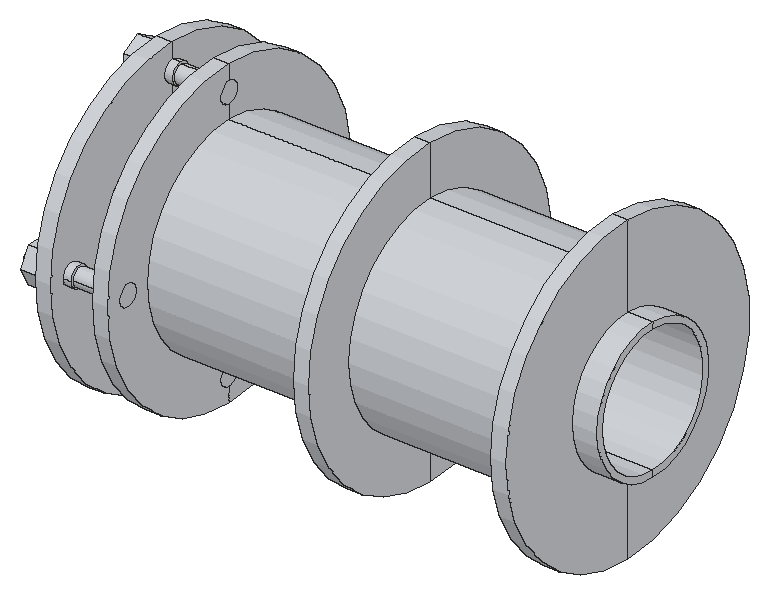
Revit family "柔性防水套管（A型）", category 常规模型, Revit 2016
Family settings
  零件类型 = 标准
  可将钢筋附着到主体 = 否
  圆形连接件大小 = 使用直径
  基于工作平面 = 否
  总是垂直 = 是
  加载时剪切的空心 = 否
  共享 = 否
  房间计算点 = 否
Parameters (values of type "密封圈Ⅰ型")
  钢管左边长 [instance] = 235 mm
  钢管右边长 [instance] = 182 mm
  钢管厚 [instance] = 5 mm
  钢管 = none
  Description = ""
  螺母 = none
  螺栓数量 [instance] = 4
  螺柱半径 [instance] = 8 mm
  螺柱 = none
  Type Comments = ""
  法兰套管厚 [instance] = 5 mm
  法兰套管厚+5 [instance] = 法兰套管厚 + 4.5 mm  # 9.5 mm
  法兰套管 = none
  法兰压盖长 [instance] = L1 - 11 mm  # 65 mm
  法兰压盖 = none
  密封圈Ⅱ型 [instance] = no
  密封圈Ⅰ型 [instance] = yes
  密封圈 Ⅱ型 = none
  密封圈 Ⅰ型 = none
  墙厚 [instance] = 300 mm
  δ3 [instance] = 10 mm
  URL = ""
  L2 [instance] = 38 mm
  L1 [instance] = 76 mm
  L0 [instance] = 42 mm
  D5 [instance] = 240 mm
  D4-1/2 [instance] = D4 / 2  # 100 mm
  D4 [instance] = 200 mm
  D3 [instance] = 120 mm
  D2 [instance] = 162 mm
  D1 [instance] = 110 mm
  1/4L0 [instance] = L0 / 4  # 10.5 mm
  1/2L0 [instance] = L0 / 2  # 21 mm
Types (3, lengths in mm): name | 密封圈Ⅱ型 | 密封圈Ⅰ型
  (no name) | no | yes
  密封圈Ⅱ型 | yes | no
  密封圈Ⅰ型 | no | yes
Reference planes
  plane 1 "中心(前/后)": y = 0
  plane 2: z = 0
  plane 3 "中心(左/右)": x = 0
  plane 4: x = -150
  plane 5: x = 150
  plane 6: z = 81
  plane 7: z = -81
  plane 8: z = 55
  plane 9: z = -55
  plane 10: z = 120
  plane 11: z = -120
  plane 12: x = -145
  plane 13: x = -103
  plane 14: x = -124
  plane 15: x = -124
  plane 16: x = -103
  plane 17: x = -145
  plane 18: x = -124
  plane 19: x = -145
  plane 20: x = -103
  plane 21: x = -124
  plane 22: x = -145
  plane 23: x = -103
  plane 24: z = -60
  plane 25: z = 60
  plane 26: z = 60
  plane 27: z = -60
  plane 28: z = -70
  plane 29: z = 100
  plane 30: z = -100
  plane 31: x = -153
  plane 32: x = -229
  plane 33: x = -191
Forms (mm)
  Revolve 1, solid, material <- "法兰套管"
    sketch origin (0, 0, 0) x (1, 0, 0) y (0, 0, 1)
      loop
        line (-160, -76) -> (-160, -81) -> (-6, -81) -> (-6, -120) -> (6, -120) -> (6, -81) -> (155, -81) -> (155, -76) -> (-93, -76) -> (-93, -55) -> (-103, -55) -> (-103, -76) -> (-160, -76)
      axis (-160, 0) -> (155, 0)
    angle from 0 to 360
  Revolve 2, solid, material <- "钢管"
    sketch origin (0, 0, 0) x (1, 0, 0) y (0, 0, 1)
      loop
        line (182, -55) -> (182, -50) -> (-235, -50) -> (-235, -55) -> (182, -55)
      axis (-235, 0) -> (182, 0)
    angle from 0 to 360
  Revolve 3, solid, material <- "法兰压盖"
    sketch origin (0, 0, 0) x (1, 0, 0) y (0, 0, 1)
      loop
        line (-145, -70) -> (-145, -60) -> (-210, -60) -> (-210, -70) -> (-145, -70)
      axis (-210, 0) -> (-145, 0)
    angle from 0 to 360
  Revolve 4, solid, material <- "法兰套管"
    sketch origin (0, 0, 0) x (1, 0, 0) y (0, 0, 1)
      loop
        line (150, -81) -> (150, -120) -> (162, -120) -> (162, -55) -> (155, -55) -> (155, -81) -> (150, -81)
      axis (150, 0) -> (162, 0)
    angle from 0 to 360
  Revolve 5, solid, material <- "密封圈 Ⅰ型", visible <- "密封圈Ⅰ型"
    sketch origin (0, 0, 0) x (1, 0, 0) y (0, 0, 1)
      loop
        circle (-134.5, -64.766) r 10.5
      axis (-145, 0) -> (-124, 0)
    angle from 0 to 360
  Revolve 6, solid, material <- "密封圈 Ⅰ型", visible <- "密封圈Ⅰ型"
    sketch origin (0, 0, 0) x (1, 0, 0) y (0, 0, 1)
      loop
        circle (-113.5, -64.766) r 10.5
      axis (-124, 0) -> (-103, 0)
    angle from 0 to 360
  Revolve 7, solid, material <- "密封圈 Ⅱ型", visible <- "密封圈Ⅱ型"
    sketch origin (0, 0, 0) x (1, 0, 0) y (0, 0, 1)
      loop
        line (-145, -69.995) -> (-145, -76) -> (-103, -76) -> (-103, -71.372) -> (-131.456, -55) -> (-140.424, -55) -> (-140.424, -59.274) -> (-145, -69.995)
      axis (-145, 0) -> (-103, 0)
    angle from 0 to 360
  Revolve 8, solid, material <- "法兰套管"
    sketch origin (0, 0, 0) x (1, 0, 0) y (0, 0, 1)
      loop
        line (-103, -71.5) -> (-103, -55) -> (-131.456, -55) -> (-103, -71.5)
      axis (-131.456, 0) -> (-103, 0)
    angle from 0 to 360
  Revolve 9, solid, material <- "法兰套管"
    sketch origin (0, 0, 0) x (1, 0, 0) y (0, 0, 1)
      loop
        line (-165, -70) -> (-165, -120) -> (-153, -120) -> (-153, -81) -> (-160, -81) -> (-160, -70) -> (-165, -70)
      loop
        line (-198, -70) -> (-210, -70) -> (-210, -120) -> (-198, -120) -> (-198, -70)
      axis (-210, 0) -> (-153, 0)
    angle from 0 to 360
Dimensions and locks
  equal spacing: plane 5, plane 3 "中心(左/右)", plane 4
  "墙厚": plane 5 to plane 4
  plane 4 to Revolve 1 sketch curve = 10 mm
  locked: plane 5 to Revolve 1 sketch curve at 5
  equal spacing: plane 6, level, plane 7
  "D2": plane 6 to plane 7
  "法兰套管厚": Revolve 1 sketch curve to Revolve 1 sketch curve
  equal spacing: plane 8, level, plane 9
  "D1": plane 8 to plane 9
  "钢管厚": Revolve 2 sketch curve to Revolve 2 sketch curve
  "钢管右边长": Revolve 2 sketch curve to plane 3 "中心(左/右)"
  "钢管左边长": plane 3 "中心(左/右)" to Revolve 2 sketch curve
  locked: Revolve 3 sketch curve to plane 4 at 5
  "法兰压盖长": Revolve 3 sketch curve to Revolve 3 sketch curve
  equal spacing: plane 10, level, plane 11
  "D5": plane 10 to plane 11
  locked: plane 14 to plane 4 at 26
  equal spacing: plane 12, plane 14, plane 13
  "L0": plane 12 to plane 13
  "1/4L0": plane 14 to Revolve 5 sketch curve
  locked: plane 15 to plane 4 at 26
  equal spacing: plane 16, plane 15, plane 17
  "L0": plane 16 to plane 17
  "1/4L0": Revolve 6 sketch curve to plane 15
  equal spacing: plane 19, plane 18, plane 20
  "L0": plane 19 to plane 20
  "法兰套管厚": Revolve 7 sketch curve to plane 7
  locked: Revolve 7 sketch curve to Revolve 7 sketch curve at 8.968
  equal spacing: plane 22, plane 21, plane 23
  "L0": plane 23 to plane 22
  locked: Revolve 7 sketch curve to Revolve 7 sketch curve at 4.628
  "法兰套管厚+5": Revolve 8 sketch curve to plane 7
  equal spacing: plane 25, Revolve 3 sketch curve, plane 24
  "D3": plane 25 to plane 24
  "δ3": Revolve 3 sketch curve to Revolve 3 sketch curve
  locked: Revolve 9 sketch curve to Revolve 9 sketch curve at 5
  equal spacing: plane 26, level, plane 27
  "D3": plane 26 to plane 27
  "δ3": plane 27 to plane 28
  equal spacing: plane 29, level, plane 30
  "D4": plane 29 to plane 30
  locked: plane 4 to plane 31 at 3
  "L1": plane 31 to plane 32
  "L2": plane 33 to plane 32
  locked: Revolve 9 sketch curve to Revolve 9 sketch curve at 12
  "1/4L0": radius of Revolve 5 sketch curve
  "1/4L0": radius of Revolve 6 sketch curve
  aligned and locked: level to plane 2
  aligned and locked: Revolve 1 sketch curve to level
  aligned and locked: Revolve 1 sketch curve to plane 7
  aligned and locked: plane 9 to Revolve 2 sketch curve
  aligned and locked: Revolve 2 sketch curve to level
  aligned and locked: Revolve 1 sketch curve to plane 11
  aligned and locked: plane 7 to Revolve 4 sketch curve
  aligned and locked: plane 5 to Revolve 4 sketch curve
  aligned and locked: Revolve 4 sketch curve to Revolve 1
  aligned and locked: Revolve 4 sketch curve to plane 9
  aligned and locked: Revolve 4 sketch curve to level
  aligned and locked: plane 9 to Revolve 1 sketch curve
  aligned and locked: Revolve 5 sketch curve to level
  aligned and locked: Revolve 6 sketch curve to level
  aligned and locked: plane 9 to Revolve 7 sketch curve
  aligned and locked: Revolve 7 sketch curve to plane 19
  aligned and locked: Revolve 7 sketch curve to plane 20
  aligned and locked: Revolve 7 sketch curve to level
  aligned and locked: Revolve 8 sketch curve to plane 23
  aligned and locked: Revolve 8 sketch curve to level
  aligned and locked: Revolve 7 to Revolve 8 sketch curve
  aligned and locked: Revolve 3 sketch curve to plane 24
  aligned and locked: plane 11 to Revolve 9 sketch curve  (x2)
  aligned and locked: Revolve 9 sketch curve to level
  aligned and locked: Revolve 9 sketch curve to plane 28  (x2)
  aligned and locked: Revolve 9 sketch curve to Revolve 3
  aligned and locked: plane 31 to Revolve 9 sketch curve
  aligned and locked: nested 1 to plane 1 "中心(前/后)"
  aligned and locked: level to nested 1
Automatic sketch dimensions
  Revolve 4 sketch curve to plane 11 = 0 mm
  Revolve 4 sketch curve to Revolve 4 sketch curve = 7 mm
  Revolve 4 sketch curve to plane 4 = 1201.99 mm
  Revolve 4 sketch curve to Revolve 4 sketch curve = 1736.983 mm
  Revolve 9 sketch curve to Revolve 9 sketch curve = 1186.99 mm
  Revolve 9 sketch curve to plane 5 = 1748.983 mm
  Revolve 9 sketch curve to plane 7 = 0 mm
  Revolve 9 sketch curve to Revolve 9 sketch curve = 12 mm
  Revolve 1 sketch curve to plane 7 = 0 mm
  plane 4 to Revolve 1 sketch curve = 47 mm
  Revolve 1 sketch curve to Revolve 1 sketch curve = 10 mm
  Revolve 1 sketch curve to plane 3 "中心(左/右)" = 6 mm
  plane 3 "中心(左/右)" to Revolve 1 sketch curve = 6 mm
  Revolve 1 sketch curve to Revolve 1 sketch curve = 5 mm
  Revolve 1 sketch curve to plane 32 = 1115.786 mm
  Revolve 1 sketch curve to Revolve 1 sketch curve = 1735.779 mm
  Revolve 2 sketch curve to Revolve 2 sketch curve = 1092.99 mm
  Revolve 2 sketch curve to Revolve 2 sketch curve = 1769.983 mm
  Revolve 3 sketch curve to plane 32 = 1123.99 mm
  Revolve 3 sketch curve to plane 5 = 1748.983 mm
  plane 27 to Revolve 5 sketch curve = 4.766 mm
  Revolve 5 sketch curve to plane 32 = 1123.99 mm
  Revolve 5 sketch curve to plane 5 = 1748.983 mm
  plane 27 to Revolve 6 sketch curve = 4.766 mm
  Revolve 6 sketch curve to plane 32 = 1123.99 mm
  Revolve 6 sketch curve to plane 5 = 1748.983 mm
  Revolve 7 sketch curve to plane 27 = 0.726 mm
  plane 19 to Revolve 7 sketch curve = 4.576 mm
  plane 28 to Revolve 7 sketch curve = 0.005 mm
  Revolve 7 sketch curve to plane 32 = 1123.99 mm
  Revolve 7 sketch curve to plane 5 = 1748.983 mm
  Revolve 8 sketch curve to plane 9 = 0 mm
  Revolve 8 sketch curve to plane 32 = 1123.99 mm
  Revolve 8 sketch curve to plane 5 = 1748.983 mm
Nested families
  nested 1: "族3" at (-165, 0, 0) x (0, 1, 0) z (-1, 0, 0), L2 <- "L2", L1 <- "L1", 螺柱半径 <- "螺柱半径", 螺栓个数 <- "螺栓数量", type "族3"
    with 螺栓个数 4, 螺柱半径 8 mm, L2 38 mm, L1 76 mm, 31 100 mm
Definition of nested family "族3"
  Parameters
    Default Elevation = 1219.2 mm
    螺母 = none
    螺栓个数 [instance] = 3
    螺柱半径 [instance] = 8 mm
    螺柱 = none
    L2 [instance] = 38 mm
    L1 [instance] = 76 mm
    31 = 200 mm
  Reference planes
    plane 1 "中心(前/后)": y = 0
    plane 2: z = 0
    plane 3 "中心(左/右)": x = 0
  Forms (mm)
    Extrusion 1, solid
      sketch origin (0, 0, 0) x (1, 0, 0) y (0, 1, 0)
        loop
          line (-1219.2, 1219.2) -> (-1219.2, -1219.2) -> (1219.2, -1219.2) -> (1219.2, 1219.2) -> (-1219.2, 1219.2)
      from 0 to -304.8
  Dimensions and locks
    "31": radius of radial array
    aligned and locked: plane 2 to Extrusion 1
    aligned and locked: level to Extrusion 1
  Automatic sketch dimensions
    Extrusion 1 sketch curve to Extrusion 1 sketch curve = 2438.4 mm  (x2)
  Nested families
    nested 1: "族2" at (0, -200, 0) x (0, 1, 0) z (0, 0, 1), 螺柱半径 <- "螺柱半径", L2 <- "L2", L1 <- "L1", type "族2"
      with 螺母宽度 28 mm, 螺柱半径 8 mm, L2 38 mm, L1 76 mm, 1/2 7 mm
    nested 2: "族2" at (173.205, 100, 0) x (-0.866, -0.5, 0) z (0, 0, 1), 螺柱半径 <- "螺柱半径", L2 <- "L2", L1 <- "L1", type "族2"
      with 螺母宽度 28 mm, 螺柱半径 8 mm, L2 38 mm, L1 76 mm, 1/2 7 mm
    nested 3: "族2" at (-173.205, 100, 0) x (0.866, -0.5, 0) z (0, 0, 1), 螺柱半径 <- "螺柱半径", L2 <- "L2", L1 <- "L1", type "族2"
      with 螺母宽度 28 mm, 螺柱半径 8 mm, L2 38 mm, L1 76 mm, 1/2 7 mm
  Definition of nested family "族2"
    Parameters
      Default Elevation = 1219.2 mm
      螺母宽度 [instance] = 螺柱半径 + 20 mm  # 28 mm
      螺母 = none
      螺柱半径 [instance] = 8 mm
      螺柱 = none
      L2 [instance] = 37 mm
      L1 [instance] = 75 mm
      1/2 [instance] = 螺柱半径 - 1 mm  # 7 mm
    Reference planes
      plane 1 "中心(前/后)": y = 0
      plane 2: z = 0
      plane 3 "中心(左/右)": x = 0
      plane 4: z = -12
      plane 5: z = 63
      plane 6: z = 26
    Forms (mm)
      Extrusion 1, solid
        sketch origin (0, 0, 0) x (1, 0, 0) y (0, 1, 0)
          loop
            line (-1219.2, 1219.2) -> (-1219.2, -1219.2) -> (1219.2, -1219.2) -> (1219.2, 1219.2) -> (-1219.2, 1219.2)
        from 0 to -304.8
      Extrusion 2, solid, material <- "螺柱"
        sketch origin (0, 0, 44) x (1, 0, 0) y (0, 1, 0)
          loop
            circle (0, 0) r 8
        from 19 to -56
      Extrusion 3, solid, material <- "螺母"
        sketch origin (0, 0, 44) x (1, 0, 0) y (0, 1, 0)
          loop
            line (16.166, 0) -> (8.083, 14) -> (-8.083, 14) -> (-16.166, 0) -> (-8.083, -14) -> (8.083, -14) -> (16.166, 0)
        from 0 to 15
      Extrusion 4, void
        sketch origin (0, 0, 44) x (1, 0, 0) y (0, 1, 0)
          loop
            circle (0, 0) r 7
          loop
            line (8.083, 14) -> (-8.083, 14) -> (-16.166, 0) -> (-8.083, -14) -> (8.083, -14) -> (16.166, 0) -> (8.083, 14)
        from -44 to -18
    Cuts and joins
      Extrusion 4 cuts Extrusion 2
    Dimensions and locks
      "螺母宽度": Extrusion 3 sketch curve to Extrusion 3 sketch curve  (x3)
      Extrusion 3 sketch curve to Extrusion 3 sketch curve = 28 mm
      "L1": plane 5 to plane 4
      locked: Extrusion 3 to Extrusion 3 at 15
      locked: plane 5 to Extrusion 3 at 4
      locked: Extrusion 1 to plane 4 at 12
      "L2": plane 5 to plane 6
      "螺柱半径": radius of Extrusion 2 sketch curve
      "1/2": radius of Extrusion 4 sketch curve
      locked: Extrusion 3 sketch curve to Extrusion 3 sketch curve (angle 120.00°)  (x5)
      aligned and locked: plane 2 to Extrusion 1
      aligned and locked: level to Extrusion 1
      aligned and locked: Extrusion 2 to plane 4
      aligned and locked: Extrusion 2 to plane 5
      aligned and locked: Extrusion 4 sketch curve to Extrusion 3  (x6)
      aligned and locked: Extrusion 4 to plane 6
    Automatic sketch dimensions
      Extrusion 1 sketch curve to Extrusion 1 sketch curve = 2438.4 mm  (x2)
      plane 1 "中心(前/后)" to Extrusion 2 sketch curve = 0 mm
      Extrusion 2 sketch curve to plane 3 "中心(左/右)" = 0 mm
      plane 1 "中心(前/后)" to Extrusion 3 sketch curve = 0 mm
      Extrusion 3 sketch curve to plane 3 "中心(左/右)" = 16.166 mm
      Extrusion 3 sketch curve to plane 3 "中心(左/右)" = 8.083 mm
      Extrusion 4 sketch curve to Extrusion 4 sketch curve = 0 mm  (x2)
      plane 1 "中心(前/后)" to Extrusion 4 sketch curve = 0 mm
      Extrusion 4 sketch curve to plane 3 "中心(左/右)" = 0 mm
